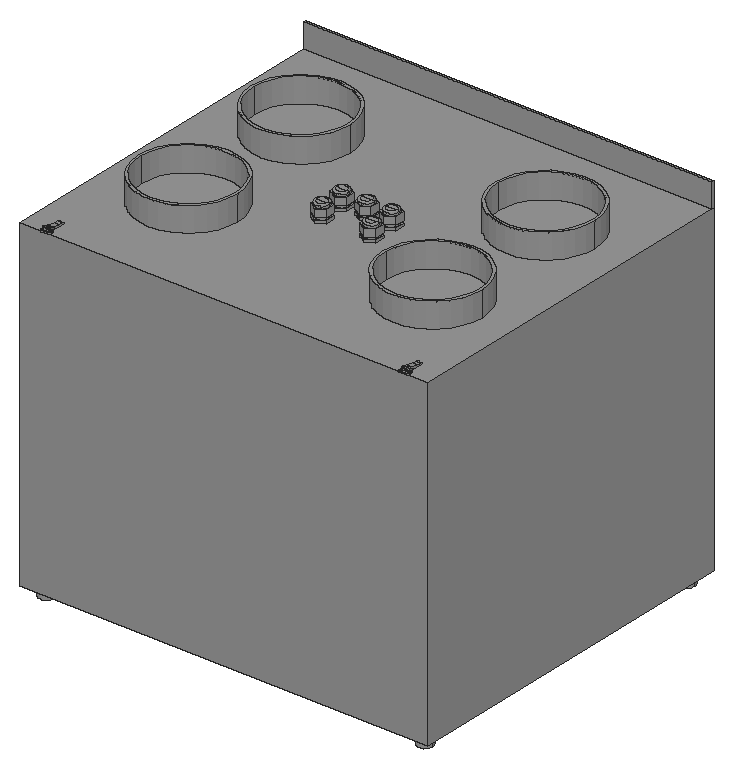
Revit family "ВУТ_ВУЕ ВБ_Eng", category Оборудование, Revit 2021
Family settings
  Размер круглого соединителя = Использовать диаметр
  Классификация = Нет
  Тип детали = Нормальный
  На основе рабочей плоскости = Нет
  Всегда вертикально = Да
  При загрузке вырезать с полостями = Нет
  Общий = Нет
  Точка принадлежности помещению = Нет
Parameters (values of type "VUE 550 VB EC А21")
  Width = B  # 720 mm
  Weight = 82.00 kg
  Voltage = 230 V
  Sound pressure level at 3 m distance = "26 dBA"
  Pressure_Static_Air [instance] = 0.0 Pa
  Power = 337 W
  Number of Fase = 1
  Maximum Air Flow = 690.0 m³/h
  Load Classification = "HVAC"
  Length = L  # 823 mm
  L = 823 mm
  Height = h1  # 725 mm
  H = 675 mm
  Frequency = 50 Hz  # constant formula
  Filter = "G4, F7"
  Diameter = D  # 200 mm
  Отметка по умолчанию = 0 mm
  Изготовитель = "Vents"  # constant formula
  l1 = 493 mm
  h1 = H + 50 mm  # 725 mm
  b1 = 284 mm
  URL = "https://ventilation-system.com/series/vut-vue-vb-ec-a14-a21"
  Maintenance zone material = none
  Dy = D - 10 mm  # 190 mm
  D = 200 mm
  Casing Material = Metal, painted, white, matte
  B = 720 mm
  Apparent Load = Amperage * Voltage  # 552 VA
  Amperage = 2.4 A
  Air Flow [instance] = 0.0 m³/h
  09_System_Name [instance] = ""
  00_20_Type = "VUE 550 VB EC А21"
  00_20_Name = "Air handling units with heat recovery"  # constant formula
  00_20_Manufacturer = "Vents"  # constant formula
Types (19, lengths in mm): name | Width | Weight | Sound pressure level at 3 m distance | Power | Maximum Air Flow | Length | L | Height | H | Diameter | l1 | h1 | b1 | Dy | D | B | Apparent Load | Amperage | 00_20_Type
  (no name) | 720 | 82.00 kg | "26 dBA" | 337 W | 690.0 m³/h | 823 | 823 | 725 | 675 | 200 | 493 | 725 | 284 | 190 | 200 | 720 | 552 VA | 2.4 A | "VUE 550 VB EC А21"
  VUT 160 V EC А21 | 330 | 34.00 kg | "24 dBA" | 57 W | 200.0 m³/h | 600 | 600 | 600 | 550 | 125 | 388 | 600 | 143 | 115 | 125 | 330 | 115 VA | 0.5 A | "VUT 160 V EC А21"
  VUT 550 VB EC А21 | 720 | 82.00 kg | "26 dBA" | 337 W | 690.0 m³/h | 823 | 823 | 725 | 675 | 200 | 493 | 725 | 284 | 190 | 200 | 720 | 552 VA | 2.4 A | "VUT 550 VB EC А21"
  VUT 160 V1 EC А21 | 370 | 42.00 kg | "22 dBA" | 57 W | 200.0 m³/h | 640 | 640 | 640 | 590 | 125 | 388 | 640 | 143 | 115 | 125 | 370 | 115 VA | 0.5 A | "VUT 160 V1 EC А21"
  VUT 160 VB EC А21 | 330 | 36.00 kg | "24 dBA" | 57 W | 200.0 m³/h | 600 | 600 | 630 | 580 | 125 | 388 | 630 | 143 | 115 | 125 | 330 | 115 VA | 0.5 A | "VUT 160 VB EC А21"
  VUT 160 V1B EC А21 | 370 | 44.00 kg | "22 dBA" | 57 W | 200.0 m³/h | 640 | 640 | 670 | 620 | 125 | 388 | 670 | 143 | 115 | 125 | 370 | 115 VA | 0.5 A | "VUT 160 V1B EC А21"
  VUT 250 V EC А21 | 560 | 66.00 kg | "35 dBA" | 180 W | 390.0 m³/h | 560 | 560 | 1020 | 970 | 160 | 390 | 1020 | 212 | 150 | 160 | 560 | 315.1 VA | 1.37 A | "VUT 250 V EC А21"
  VUT 250 VB EC А21 | 560 | 66.00 kg | "35 dBA" | 180 W | 390.0 m³/h | 560 | 560 | 1020 | 970 | 160 | 390 | 1020 | 212 | 150 | 160 | 560 | 315.1 VA | 1.37 A | "VUT 250 VB EC А21"
  VUT 350 VB EC А21 | 583 | 64.00 kg | "28 dBA" | 178 W | 450.0 m³/h | 730 | 730 | 725 | 675 | 160 | 426 | 725 | 230 | 150 | 160 | 583 | 322 VA | 1.4 A | "VUT 350 VB EC А21"
  VUT 350 V1B EC А21 | 470 | 57.00 kg | "28 dBA" | 169 W | 420.0 m³/h | 730 | 730 | 725 | 675 | 160 | 426 | 725 | 190 | 150 | 160 | 470 | 299 VA | 1.3 A | "VUT 350 V1B EC А21"
  VUE 160 V EC А21 | 330 | 34.00 kg | "24 dBA" | 57 W | 200.0 m³/h | 600 | 600 | 600 | 550 | 125 | 388 | 600 | 143 | 115 | 125 | 330 | 115 VA | 0.5 A | "VUE 160 V EC А21"
  VUE 160 V1 EC А21 | 370 | 42.00 kg | "22 dBA" | 57 W | 200.0 m³/h | 640 | 640 | 640 | 590 | 125 | 388 | 640 | 143 | 115 | 125 | 370 | 115 VA | 0.5 A | "VUE 160 V1 EC А21"
  VUE 160 V1B EC А21 | 370 | 44.00 kg | "22 dBA" | 57 W | 200.0 m³/h | 640 | 640 | 670 | 620 | 125 | 388 | 670 | 143 | 115 | 125 | 370 | 115 VA | 0.5 A | "VUE 160 V1B EC А21"
  VUE 160 VB EC А21 | 330 | 36.00 kg | "24 dBA" | 57 W | 200.0 m³/h | 600 | 600 | 630 | 580 | 125 | 388 | 630 | 143 | 115 | 125 | 330 | 115 VA | 0.5 A | "VUE 160 VB EC А21"
  VUE 250 V EC А21 | 560 | 66.00 kg | "35 dBA" | 180 W | 390.0 m³/h | 560 | 560 | 1020 | 970 | 160 | 390 | 1020 | 212 | 150 | 160 | 560 | 315.1 VA | 1.37 A | "VUE 250 V EC А21"
  VUE 250 VB EC А21 | 560 | 66.00 kg | "35 dBA" | 180 W | 390.0 m³/h | 560 | 560 | 1020 | 970 | 160 | 390 | 1020 | 212 | 150 | 160 | 560 | 315.1 VA | 1.37 A | "VUE 250 VB EC А21"
  VUE 350 V1B EC А21 | 470 | 57.00 kg | "28 dBA" | 169 W | 420.0 m³/h | 730 | 730 | 725 | 675 | 160 | 426 | 725 | 190 | 150 | 160 | 470 | 299 VA | 1.3 A | "VUE 350 V1B EC А21"
  VUE 350 VB EC А21 | 583 | 64.00 kg | "28 dBA" | 178 W | 450.0 m³/h | 730 | 730 | 725 | 675 | 160 | 426 | 725 | 230 | 150 | 160 | 583 | 322 VA | 1.4 A | "VUE 350 VB EC А21"
  VUE 550 VB EC А21 | 720 | 82.00 kg | "26 dBA" | 337 W | 690.0 m³/h | 823 | 823 | 725 | 675 | 200 | 493 | 725 | 284 | 190 | 200 | 720 | 552 VA | 2.4 A | "VUE 550 VB EC А21"
Reference planes
  plane 1 "По центру (Вперед/Назад)": y = 0
  plane 2: z = 0
  plane 3 "По центру (Влево/Вправо)": x = 0
  plane 4: y = 360
  plane 5: y = -360
  plane 6: x = -411.5
  plane 7: x = 411.5
  plane 8: z = 675
Forms (mm)
  Extrusion 1, solid, material "Metal, painted, white, matte"
    sketch origin (0, 0, 0) x (1, 0, 0) y (0, 1, 0)
      loop
        line (-411.5, 360) -> (-411.5, -360) -> (411.5, -360) -> (411.5, 360) -> (-411.5, 360)
    from 20 to 675
  Extrusion 2, solid, material "Metal, painted, white, matte"
    sketch origin (0, 0, 0) x (1, 0, 0) y (0, 1, 0)
      loop
        circle (-381.5, 330) r 15
      loop
        circle (381.5, 330) r 15
      loop
        circle (-381.5, -330) r 15
      loop
        circle (381.5, -330) r 15
    from 0 to 20
  Extrusion 3, solid, material "Metal, painted, white, matte"
    sketch origin (0, 0, 0) x (1, 0, 0) y (0, 1, 0)
      loop
        circle (-246.5, 142) r 100
      loop
        circle (246.5, 142) r 100
      loop
        circle (-246.5, -142) r 100
      loop
        circle (246.5, -142) r 95
      loop
        circle (-246.5, 142) r 95
      loop
        circle (246.5, 142) r 95
      loop
        circle (246.5, -142) r 100
      loop
        circle (-246.5, -142) r 95
    from 675 <- "H" to 725 <- "h1"
  Extrusion 4, solid, material "Metal, painted, white, matte"
    sketch origin (0, 0, 0) x (1, 0, 0) y (0, 1, 0)
      loop
        line (-411.5, 360) -> (-411.5, 355) -> (411.5, 355) -> (411.5, 360) -> (-411.5, 360)
    from 675 <- "H" to 725 <- "h1"
  Extrusion 5, solid, material "Metal, painted, white, matte"
    sketch origin (0, 0, 0) x (1, 0, 0) y (0, 1, 0)
      loop
        circle (0, 0) r 9
    from 0 to 20
Dimensions and locks
  equal spacing: plane 6, plane 3 "По центру (Влево/Вправо)", plane 7
  "L": plane 6 to plane 7
  equal spacing: plane 4, plane 1 "По центру (Вперед/Назад)", plane 5
  "B": plane 4 to plane 5
  "H": plane 8 to level
  locked: plane 6 to Extrusion 2 sketch curve at 30  (x2)
  locked: plane 4 to Extrusion 2 sketch curve at 30  (x2)
  locked: Extrusion 2 sketch curve to plane 5 at 30  (x2)
  locked: Extrusion 2 sketch curve to plane 7 at 30  (x2)
  locked: nested 1 to plane 7 at 50
  locked: plane 6 to nested 2 at 50
  "l1": Extrusion 3 sketch curve to Extrusion 3 sketch curve  (x2)
  equal spacing: Extrusion 3 sketch curve, plane 3 "По центру (Влево/Вправо)", Extrusion 3 sketch curve  (x2)
  equal spacing: Extrusion 3 sketch curve, plane 1 "По центру (Вперед/Назад)", Extrusion 3 sketch curve  (x2)
  "b1": Extrusion 3 sketch curve to Extrusion 3 sketch curve  (x2)
  locked: Extrusion 1 to Extrusion 4 sketch curve at 5
  "D": diameter of Extrusion 3 sketch curve  (x4)
  "Dy": diameter of Extrusion 3 sketch curve  (x4)
  aligned and locked: level to plane 2
  aligned and locked: Extrusion 1 sketch curve to plane 4
  aligned and locked: Extrusion 1 sketch curve to plane 6
  aligned and locked: plane 5 to Extrusion 1 sketch curve
  aligned and locked: plane 7 to Extrusion 1 sketch curve
  aligned and locked: plane 8 to Extrusion 1
  aligned and locked: nested 1 to plane 5
  aligned and locked: plane 5 to nested 2
  aligned and locked: plane 1 "По центру (Вперед/Назад)" to nested 3
  aligned and locked: plane 3 "По центру (Влево/Вправо)" to nested 3
  aligned and locked: plane 1 "По центру (Вперед/Назад)" to nested 4
  aligned and locked: plane 1 "По центру (Вперед/Назад)" to nested 5
  aligned and locked: Extrusion 4 sketch curve to plane 6
  aligned and locked: plane 7 to Extrusion 4 sketch curve
  aligned and locked: Extrusion 4 sketch curve to plane 4
Automatic sketch dimensions
  plane 1 "По центру (Вперед/Назад)" to Extrusion 5 sketch curve = 0 mm
  Extrusion 5 sketch curve to plane 3 "По центру (Влево/Вправо)" = 0 mm
  Extrusion 3 sketch curve to Extrusion 3 sketch curve = 0 mm  (x8)
  radius of Extrusion 2 sketch curve = 15 mm  (x4)
  radius of Extrusion 5 sketch curve = 9 mm
Nested families
  nested 1: "Latch" at (361.5, -355, 675) x (0, 0, 1) z (-1, 0, 0), built-in parameter 1001360 <- "H", type "Latch"
  nested 2: "Latch" at (-361.5, -355, 675) x (0, 0, 1) z (1, 0, 0), built-in parameter 1001360 <- "H", type "Latch"
  nested 3: "Сonnector" at (0, 0, 675), built-in parameter 1001360 <- "H", type "30"
  nested 4: "Сonnector" at (-50, 0, 675), built-in parameter 1001360 <- "H", type "30"
  nested 5: "Сonnector" at (50, 0, 675), built-in parameter 1001360 <- "H", type "30"
  nested 6: "Сonnector" at (-50, -50, 675), built-in parameter 1001360 <- "H", type "30"
  nested 7: "Сonnector" at (50, -50, 675), built-in parameter 1001360 <- "H", type "30"
Connectors
  piping at (0, 0, 0), diameter 18
    settings: on Extrusion 5, index 1, connector inside diameter 609.6 mm, connector length 0 mm, flow factor 0, pipe flow 0.0 L/s, pressure drop 0.0 Pa, fitting loss kfactor 0, connector angle 0.00°, fixture units 0, engagement length 0 mm, angle of deflection 0.00°, flow configuration 0, flow direction 2, fitting loss method 0, system type 16, joint type 0, gender type 0, connector reference index -1, connector utility 0, adjustable connector no, is connector primary yes, connector description ""
  hvac at (-246.5, -142, 725), driven by "D"
    settings: on Extrusion 3, index 2, duct flow 0.0 m³/h, flow factor 0, pres drop 0.0 Pa, loss coef 0, conn angle 0.00°, conn width 304.8 mm, conn height 304.8 mm, conn diameter 200 mm, duct sys type 1, conn prof type 0, flow config 0, flow direction 2, loss method 0, conn ref index -1, conn util no, is conn primary yes, conn desc ""
  hvac at (-246.5, 142, 725), driven by "D"
    settings: on Extrusion 3, index 3, duct flow 0.0 m³/h, flow factor 0, pres drop 0.0 Pa, loss coef 0, conn angle 0.00°, conn width 304.8 mm, conn height 304.8 mm, conn diameter 200 mm, duct sys type 3, conn prof type 0, flow config 0, flow direction 1, loss method 0, conn ref index -1, conn util no, is conn primary no, conn desc ""
  hvac at (246.5, -142, 725), driven by "D"
    settings: on Extrusion 3, index 4, duct flow 0.0 m³/h, flow factor 0, pres drop 0.0 Pa, loss coef 0, conn angle 0.00°, conn width 304.8 mm, conn height 304.8 mm, conn diameter 200 mm, duct sys type 1, conn prof type 0, flow config 0, flow direction 1, loss method 0, conn ref index -1, conn util no, is conn primary no, conn desc ""
  hvac at (246.5, 142, 725), driven by "D"
    settings: on Extrusion 3, index 5, duct flow 0.0 m³/h, flow factor 0, pres drop 0.0 Pa, loss coef 0, conn angle 0.00°, conn width 304.8 mm, conn height 304.8 mm, conn diameter 200 mm, duct sys type 3, conn prof type 0, flow config 0, flow direction 2, loss method 0, conn ref index -1, conn util no, is conn primary no, conn desc ""
  electrical at (50, 0, 680), driven by "Voltage", driven by "Apparent Load"
    settings: on nested 5, index 6, voltage 230 V, apparent load 552 VA, apparent load phase1 0 VA, apparent load phase2 0 VA, apparent load phase3 0 VA, power factor 1, load classification "Прочее", number of poles 1, system type 30, power factor state 1, is connector primary yes, connector utility no, sub classification motor no, connector description ""
Definition of nested family "Latch"
  Parameters (values of type "Защелка")
    Default Elevation = 0 mm
  Reference planes
    plane 1 "По центру (Вперед/Назад)": y = 0
    plane 2: z = 0
    plane 3 "По центру (Влево/Вправо)": x = 0
  Forms (mm)
    Extrusion 1, solid
      sketch origin (0, -5, 0) x (0, 1, 0) y (0, 0, 1)
        loop
          arc (3, 10) -> (0.879, 9.121) -> (0, 7) r 3
          line (0, 7) -> (0, -7)
          arc (0, -7) -> (0.879, -9.121) -> (3, -10) r 3
          line (3, -10) -> (7, -10)
          arc (7, -10) -> (9.121, -9.121) -> (10, -7) r 3
          line (10, -7) -> (10, 7)
          arc (10, 7) -> (9.121, 9.121) -> (7, 10) r 3
          line (7, 10) -> (3, 10)
      from 0 to 2
    Extrusion 2, solid
      sketch origin (0, 0, 0) x (1, 0, 0) y (0, 1, 0)
        loop
          line (2, 0.5) -> (2, -0.5) -> (7, -0.5)
          arc (7, -0.5) -> (7.707, -0.793) -> (8, -1.5) r 1
          arc (8, -1.5) -> (8.58, -2.08) -> (9.161, -1.5) r 0.58
          arc (9.161, -1.5) -> (8.575, -0.086) -> (7.161, 0.5) r 2
          line (7.161, 0.5) -> (2, 0.5)
      from -5 to 5
    Extrusion 3, solid
      sketch origin (0, 0, 0) x (1, 0, 0) y (0, 1, 0)
        loop
          line (0, 6.215) -> (3.363, 6.215)
          arc (3.363, 6.215) -> (5.643, 7.265) -> (6.327, 9.68) r 3
          line (6.327, 9.68) -> (3.08, 26.383)
          arc (3.08, 26.383) -> (1.485, 30.467) -> (2.223, 34.789) r 8.197
          arc (2.223, 34.789) -> (2.162, 35.751) -> (1.318, 36.215) r 1
          line (1.318, 36.215) -> (0, 36.215) -> (0, 6.215)
      from -5 to 5
    Sweep 4, solid
      path origin (2.535, 1.601, 0) x (-0.309017, 0.951057, 0) y (0, 0, 1)
        loop
          arc (-2.944, 6.5) -> (-3.651, 6.207) -> (-3.944, 5.5) r 1
          line (-3.944, 5.5) -> (-3.944, -5.5)
          arc (-3.944, -5.5) -> (-3.651, -6.207) -> (-2.944, -6.5) r 1
          line (-2.944, -6.5) -> (7.056, -6.5)
          arc (7.056, -6.5) -> (7.763, -6.207) -> (8.056, -5.5) r 1
          line (8.056, -5.5) -> (8.056, 5.5)
          arc (8.056, 5.5) -> (7.763, 6.207) -> (7.056, 6.5) r 1
          line (7.056, 6.5) -> (-2.944, 6.5)
      profile origin (1.9, 3.556, 6.5) x (0, 0, 1) y (0.951057, 0.309017, 0)
        loop
          circle (0, 3.594) r 0.5
    Extrusion 5, solid
      sketch origin (0, 0, 0) x (0, 1, 0) y (0, 0, 1)
        loop
          circle (0, 8.305) r 0.8
        loop
          circle (0, -8.305) r 0.8
      from 0 to 2
  Cuts and joins
    joined: Extrusion 1, Extrusion 2
  Dimensions and locks
    aligned and locked: level to plane 2
Definition of nested family "Сonnector"
  Parameters (values of type "30")
    Default Elevation = 0 mm
  Reference planes
    plane 1 "По центру (Вперед/Назад)": y = 0
    plane 2: z = 0
    plane 3 "По центру (Влево/Вправо)": x = 0
  Forms (mm)
    Extrusion 1, solid
      sketch origin (-129.783, 0, -1.583) x (-1, 0, 0) y (0, -1, 0)
        loop
          line (-129.783, -18.872) -> (-113.44, -9.436) -> (-113.44, 9.436) -> (-129.783, 18.872) -> (-146.127, 9.436) -> (-146.127, -9.436) -> (-129.783, -18.872)
      from 1.583 to 6.583
    Extrusion 2, solid
      sketch origin (-129.783, 0, 0) x (-1, 0, 0) y (0, -1, 0)
        loop
          circle (-129.783, 0) r 14
      from 5 to 10
    Extrusion 3, solid
      sketch origin (-129.783, 0, 14.25) x (-1, 0, 0) y (0, -1, 0)
        loop
          line (-129.783, -18.872) -> (-113.44, -9.436) -> (-113.44, 9.436) -> (-129.783, 18.872) -> (-146.127, 9.436) -> (-146.127, -9.436) -> (-129.783, -18.872)
      from -4.25 to 10.75
    Revolve 4, solid
      sketch origin (-129.783, 0, -5.678) x (-1, 0, 0) y (0, 0, -1)
        loop
          line (-115.783, -30.678) -> (-129.783, -30.678) -> (-129.783, -37.239) -> (-118.718, -37.239)
          arc (-118.718, -37.239) -> (-116.643, -36.38) -> (-115.783, -34.305) r 2.935
          line (-115.783, -34.305) -> (-115.783, -30.678)
        axis (-129.783, -37.239) -> (-129.783, -30.678)
      angle from 0 to 360
  Dimensions and locks
    aligned and locked: level to plane 2
    aligned and locked: Extrusion 1 to Extrusion 2
    aligned and locked: Extrusion 1 to level
    aligned and locked: Extrusion 3 to Extrusion 2
